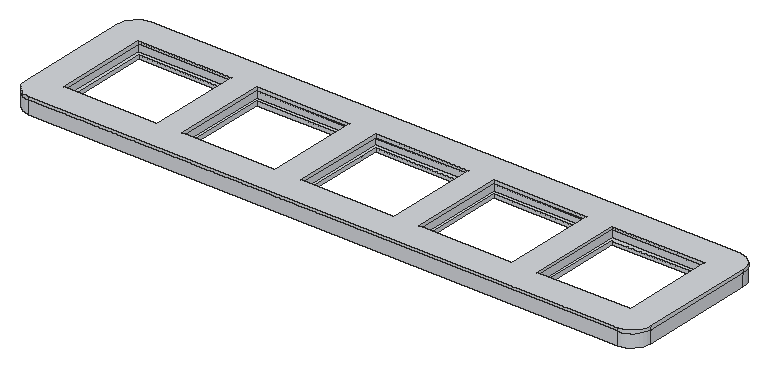
Revit family "Gira_0215413", category Electrical Fixtures, host Face, Revit 2017
Family settings
  Host = Face
  Maintain Annotation Orientation = No
  Round Connector Dimension = Use Diameter
  Part Type = Normal
  Cut with Voids When Loaded = No
  Shared = No
  Room Calculation Point = No
Parameters (values of type "Cov.fr. 5-g Gira E3 dark grey/p.white")
  URL = "http://katalog.gira.de/en/datenblatt.html?artikelnr=0215413"
  Transparent = "No"
  Name = "Cov.fr. 5-g Gira E3 dark grey/p.white"
  Manufacturer URL = "https://www.gira.de/"
  Manufacturer = "Gira"
  Keynote = ""
  HeinzeBIM = "https://bimportal.heinze.de/bim/cov-fr-5-g-gira-e3-dark-grey-p-white/23e36760d3b5fedf9e16d8d0122bd02d974aa819"
  HAN = "0215413"
  GTIN = "4010337024064"
  Description = "Cov.fr.5g E3 DgyPw,Gira E3 cover frame,dark grey soft touch with pure white glossy intermediate frame,5-gang,Features:,- Shatter-proof.,,Notes :,- Soft-touch surface,- NCS value: approx. NCS S 7000-N"
  Default Elevation = 1219.2 mm
  Data sheet (1) = "https://katalog.gira.de/en/download.html?artikelnr=0215413"
  Category = "Cover frame for domestic switching devices"
  BIM (1) = "https://media.stage.bim.site/public/gira/36a6b08/E3_Rahmen_5fach.rfa"
  Available = "No"
Reference planes
  plane 1 "Center (Front/Back)": y = 0
  plane 2: z = 0
  plane 3 "Center (Left/Right)": x = 0
Forms (mm)
  Extrusion 1, solid, detail levels fine
    sketch origin (0, 0, 0) x (1, 0, 0) y (0, 1, 0)
      loop
        arc (-177.4, 45.809) -> (-185.185, 42.585) -> (-188.409, 34.8) r 11.009
        line (-188.409, 34.8) -> (-188.409, -34.8)
        arc (-188.409, -34.8) -> (-185.185, -42.585) -> (-177.4, -45.809) r 11.009
        line (-177.4, -45.809) -> (177.4, -45.809)
        arc (177.4, -45.809) -> (185.185, -42.585) -> (188.409, -34.8) r 11.009
        line (188.409, -34.8) -> (188.409, 34.8)
        arc (188.409, 34.8) -> (185.185, 42.585) -> (177.4, 45.809) r 11.009
        line (177.4, 45.809) -> (-177.4, 45.809)
      loop
        line (-114.5, 28.187) -> (-170.756, 28.187) -> (-170.756, -28.187) -> (-114.5, -28.187) -> (-114.5, 28.187)
      loop
        line (-99.6, 28.187) -> (-99.6, -28.187) -> (-43.344, -28.187) -> (-43.344, 28.187) -> (-99.6, 28.187)
      loop
        line (114.5, 28.187) -> (114.5, -28.187) -> (170.756, -28.187) -> (170.756, 28.187) -> (114.5, 28.187)
      loop
        line (28.301, 28.187) -> (-27.955, 28.187) -> (-27.955, -28.187) -> (28.301, -28.187) -> (28.301, 28.187)
      loop
        line (43.143, 28.187) -> (43.143, -28.187) -> (99.399, -28.187) -> (99.399, 28.187) -> (43.143, 28.187)
    from 7.65 to 9.5
  Extrusion 2, solid, detail levels fine
    sketch origin (-142.8, 0, 0) x (1, 0, 0) y (0, 1, 0)
      loop
        line (26.1, 25.7) -> (-25.7, 25.7) -> (-25.7, -25.7) -> (26.1, -25.7) -> (26.1, 25.7)
      loop
        line (-28.187, -28.156) -> (28.187, -28.156) -> (28.187, 28.156) -> (-28.187, 28.156) -> (-28.187, -28.156)
    from 1.65 to 3.9
  Extrusion 3, solid, detail levels fine
    sketch origin (0, 0, 0) x (1, 0, 0) y (0, 1, 0)
      loop
        arc (-177.4, 45.809) -> (-185.185, 42.585) -> (-188.409, 34.8) r 11.009
        line (-188.409, 34.8) -> (-188.409, -34.8)
        arc (-188.409, -34.8) -> (-185.185, -42.585) -> (-177.4, -45.809) r 11.009
        line (-177.4, -45.809) -> (177.4, -45.809)
        arc (177.4, -45.809) -> (185.185, -42.585) -> (188.409, -34.8) r 11.009
        line (188.409, -34.8) -> (188.409, 34.8)
        arc (188.409, 34.8) -> (185.185, 42.585) -> (177.4, 45.809) r 11.009
        line (177.4, 45.809) -> (-177.4, 45.809)
      loop
        line (-186.443, 34.785) -> (-186.443, -34.785)
        arc (-186.443, -34.785) -> (-183.79, -41.19) -> (-177.385, -43.843) r 9.058
        line (-177.385, -43.843) -> (177.385, -43.843)
        arc (177.385, -43.843) -> (183.79, -41.19) -> (186.443, -34.785) r 9.058
        line (186.443, -34.785) -> (186.443, 34.785)
        arc (186.443, 34.785) -> (183.79, 41.19) -> (177.385, 43.843) r 9.058
        line (177.385, 43.843) -> (-177.385, 43.843)
        arc (-177.385, 43.843) -> (-183.79, 41.19) -> (-186.443, 34.785) r 9.058
    from 0 to 7.65
  Extrusion 4, solid, detail levels fine
    sketch origin (-35.75, 0, 0) x (1, 0, 0) y (0, 1, 0)
      loop
        line (-134.256, -31.075) -> (205.755, -31.075)
        arc (205.755, -31.075) -> (208.399, -29.98) -> (209.494, -27.337) r 3.739
        line (209.494, -27.337) -> (209.494, 27.337)
        arc (209.494, 27.337) -> (208.399, 29.98) -> (205.755, 31.075) r 3.739
        line (205.755, 31.075) -> (-134.256, 31.075)
        arc (-134.256, 31.075) -> (-136.899, 29.98) -> (-137.994, 27.337) r 3.739
        line (-137.994, 27.337) -> (-137.994, -27.337)
        arc (-137.994, -27.337) -> (-136.899, -29.98) -> (-134.256, -31.075) r 3.739
      loop
        line (-136.844, 27.537) -> (-136.844, -27.537)
        arc (-136.844, -27.537) -> (-136.145, -29.226) -> (-134.456, -29.925) r 2.389
        line (-134.456, -29.925) -> (205.955, -29.925)
        arc (205.955, -29.925) -> (207.644, -29.226) -> (208.344, -27.537) r 2.389
        line (208.344, -27.537) -> (208.344, 27.537)
        arc (208.344, 27.537) -> (207.644, 29.226) -> (205.955, 29.925) r 2.389
        line (205.955, 29.925) -> (-134.456, 29.925)
        arc (-134.456, 29.925) -> (-136.145, 29.226) -> (-136.844, 27.537) r 2.389
    from 1.65 to 7.65
  Extrusion 5, solid, detail levels fine
    sketch origin (0, 0, 0) x (1, 0, 0) y (0, 1, 0)
      loop
        line (-174.653, -39.8) -> (174.653, -39.8)
        arc (174.653, -39.8) -> (180.267, -36.708) -> (182.5, -30.7) r 9.2
        line (182.5, -30.7) -> (182.5, 30.7)
        arc (182.5, 30.7) -> (179.805, 37.205) -> (173.3, 39.9) r 9.2
        line (173.3, 39.9) -> (-173.3, 39.9)
        arc (-173.3, 39.9) -> (-179.805, 37.205) -> (-182.5, 30.7) r 9.2
        line (-182.5, 30.7) -> (-182.5, -30.7)
        arc (-182.5, -30.7) -> (-180.267, -36.708) -> (-174.653, -39.8) r 9.2
      loop
        line (-173.3, -31.7) -> (173.3, -31.7)
        arc (173.3, -31.7) -> (174.007, -31.407) -> (174.3, -30.7) r 1
        line (174.3, -30.7) -> (174.3, 30.7)
        arc (174.3, 30.7) -> (174.007, 31.407) -> (173.3, 31.7) r 1
        line (173.3, 31.7) -> (-173.3, 31.7)
        arc (-173.3, 31.7) -> (-174.007, 31.407) -> (-174.3, 30.7) r 1
        line (-174.3, 30.7) -> (-174.3, -30.7)
        arc (-174.3, -30.7) -> (-174.007, -31.407) -> (-173.3, -31.7) r 1
    from 1.65 to 3.9
  Extrusion 6, solid, detail levels fine
    sketch origin (-142.8, 0, 0) x (1, 0, 0) y (0, 1, 0)
      loop
        line (-28.187, 28.156) -> (-28.187, -28.156) -> (28.187, -28.156) -> (28.187, 28.156) -> (-28.187, 28.156)
      loop
        line (-29.925, 29.925) -> (-29.925, -29.925) -> (29.925, -29.925) -> (29.925, 29.925) -> (-29.925, 29.925)
    from 1.65 to 7.65
  Extrusion 7, solid, detail levels coarse+medium
    sketch origin (0, 0, 0) x (1, 0, 0) y (0, 1, 0)
      loop
        line (-188.409, 45.809) -> (-188.409, -45.809) -> (188.409, -45.809) -> (188.409, 45.809) -> (-188.409, 45.809)
    from 0 to 9.5
  Extrusion 8, solid, detail levels fine
    sketch origin (-71.3, 0, 0) x (-1, 0, 0) y (0, -1, 0)
      loop
        line (25.9, -25.7) -> (25.9, 25.7) -> (-25.9, 25.7) -> (-25.9, -25.7) -> (25.9, -25.7)
      loop
        line (-28.187, 28.156) -> (-28.187, -28.156) -> (28.187, -28.156) -> (28.187, 28.156) -> (-28.187, 28.156)
    from 1.65 to 3.9
  Extrusion 9, solid, detail levels fine
    sketch origin (-71.3, 0, 0) x (-1, 0, 0) y (0, -1, 0)
      loop
        line (-28.187, -28.156) -> (28.187, -28.156) -> (28.187, 28.156) -> (-28.187, 28.156) -> (-28.187, -28.156)
      loop
        line (-29.925, -29.925) -> (29.925, -29.925) -> (29.925, 29.925) -> (-29.925, 29.925) -> (-29.925, -29.925)
    from 1.65 to 7.65
  Extrusion 10, solid, detail levels fine
    sketch origin (0.2, 0, 0) x (-1, 0, 0) y (0, -1, 0)
      loop
        line (26.1, -25.7) -> (26.1, 25.7) -> (-25.7, 25.7) -> (-25.7, -25.7) -> (26.1, -25.7)
      loop
        line (-28.187, 28.156) -> (-28.187, -28.156) -> (28.187, -28.156) -> (28.187, 28.156) -> (-28.187, 28.156)
    from 1.65 to 3.9
  Extrusion 11, solid, detail levels fine
    sketch origin (0.2, 0, 0) x (-1, 0, 0) y (0, -1, 0)
      loop
        line (-28.187, -28.156) -> (28.187, -28.156) -> (28.187, 28.156) -> (-28.187, 28.156) -> (-28.187, -28.156)
      loop
        line (-29.925, -29.925) -> (29.925, -29.925) -> (29.925, 29.925) -> (-29.925, 29.925) -> (-29.925, -29.925)
    from 1.65 to 7.65
  Extrusion 12, solid, detail levels fine
    sketch origin (71.5, 0, 0) x (-1, 0, 0) y (0, -1, 0)
      loop
        line (26.1, -25.7) -> (26.1, 25.7) -> (-25.7, 25.7) -> (-25.7, -25.7) -> (26.1, -25.7)
      loop
        line (-28.187, 28.156) -> (-28.187, -28.156) -> (28.187, -28.156) -> (28.187, 28.156) -> (-28.187, 28.156)
    from 1.65 to 3.9
  Extrusion 13, solid, detail levels fine
    sketch origin (71.5, 0, 0) x (-1, 0, 0) y (0, -1, 0)
      loop
        line (-28.187, -28.156) -> (28.187, -28.156) -> (28.187, 28.156) -> (-28.187, 28.156) -> (-28.187, -28.156)
      loop
        line (-29.925, -29.925) -> (29.925, -29.925) -> (29.925, 29.925) -> (-29.925, 29.925) -> (-29.925, -29.925)
    from 1.65 to 7.65
  Extrusion 14, solid, detail levels fine
    sketch origin (142.8, 0, 0) x (-1, 0, 0) y (0, -1, 0)
      loop
        line (26.1, -25.7) -> (26.1, 25.7) -> (-25.7, 25.7) -> (-25.7, -25.7) -> (26.1, -25.7)
      loop
        line (-28.187, 28.156) -> (-28.187, -28.156) -> (28.187, -28.156) -> (28.187, 28.156) -> (-28.187, 28.156)
    from 1.65 to 3.9
  Extrusion 15, solid, detail levels fine
    sketch origin (142.8, 0, 0) x (-1, 0, 0) y (0, -1, 0)
      loop
        line (-28.187, -28.156) -> (28.187, -28.156) -> (28.187, 28.156) -> (-28.187, 28.156) -> (-28.187, -28.156)
      loop
        line (-29.925, -29.925) -> (29.925, -29.925) -> (29.925, 29.925) -> (-29.925, 29.925) -> (-29.925, -29.925)
    from 1.65 to 7.65
Dimensions and locks
  aligned and locked: plane 2 to host face
  aligned and locked: level to host face
